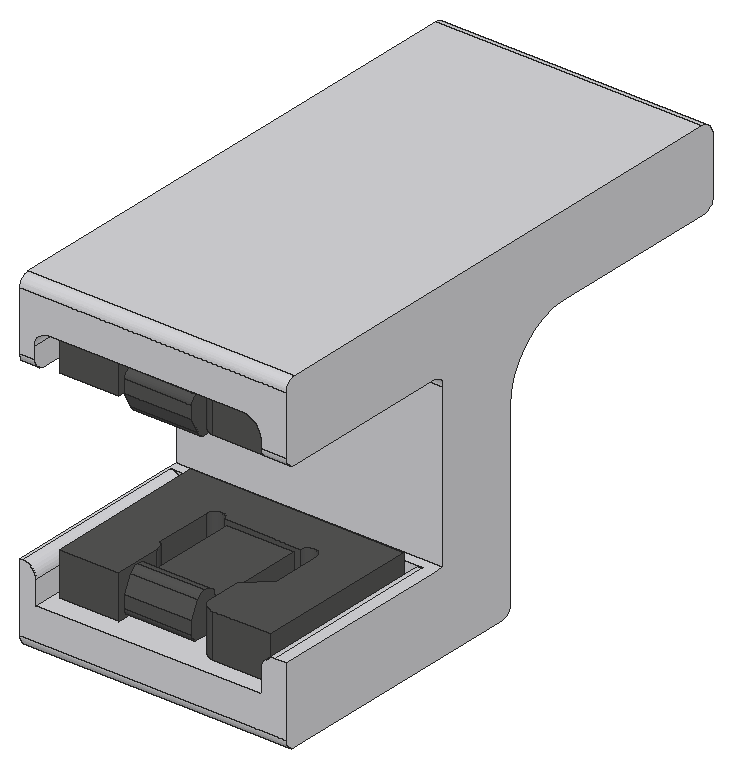
Revit family "Accessory-Robe_Hook-KOHLER-Stages-K-30377T_1", category Specialty Equipment, host Face, Revit 2021
Family settings
  Host = Face
  Round Connector Dimension = Use Diameter
  Part Type = Normal
  OmniClass Number = 23.31.25.27
  OmniClass Title = Robe Hooks
  Cut with Voids When Loaded = No
  Shared = No
  Room Calculation Point = No
Parameters (values of type "CP-Polished Chrome")
  Width = 63/64"  # constant formula
  WaterSense Certified = 1 = 0  # no
  URL = "http://www.kohler.com.cn/"
  Type = 5
  Product Page URL = "https://www.kohler.com.cn/product/K-30377T-CP/K-30377T-CP/"
  Product Name = "Stages"  # constant formula
  Product Documentation Link = "https://files.kohler.com.cn/pdfs/1525252490115_1334745-2_A-sms.pdf"
  Model = if(Type = 1, "K-30377T-2MB", if(Type = 2, "K-30377T-AF", if(Type = 3, "K-30377T-BL", if(Type = 4, "K-30377T-BN", if(Type = 5, "K-30377T-CP", if(Type = 6, "K-30377T-RGD", "NA"))))))  # "K-30377T-CP"
  Material = "Premium Metal Construction"  # constant formula
  Master Format 2014 Name = "Toilet, Bath, and Laundry Accessories"  # constant formula
  Master Format 2014 = "10 28 00"  # constant formula
  Manufacturer Address = "Kohler Beijing Office (100016) 36-2-03-B, No. 88, Liuxiang Road, Beijing"  # constant formula
  Manufacturer = "Kohler Co."  # constant formula
  Length = 101/128"  # constant formula
  Height = 1 147/256"  # constant formula
  Finish = Kohler-Metal-CP-Polished_Chrome
  Environmental Product Declaration = ""
  Description = "Grid Jump Hook (Removable)"  # constant formula
  Default Elevation = 42"
  Declare Label = ""
  Date Modified = "11/10/2022"  # constant formula
  Date Created = "11/10/2022"  # constant formula
  Copyright = "Copyright Kohler Co."  # constant formula
  Contact Us = "http://www.kohler.com.cn/contact/contact-us/"
  Assembly Code = "C1030200"
  ADA Compliant = 1 = 0  # no
Types (7): name | Type | Product Page URL | Model | Finish
  (no name) | 5 | "https://www.kohler.com.cn/product/K-30377T-CP/K-30377T-CP/" | "K-30377T-CP" | Kohler-Metal-CP-Polished_Chrome
  2MB-Vibrant Brushed Moderne Brass | 1 | "" | "K-30377T-2MB" | Kohler-Metal-2MB-Vibrant_Brushed_Moderne_Brass
  AF-Vibrant French Gold | 2 | "https://www.kohler.com.cn/product/K-30377T-CP/K-30377T-AF/" | "K-30377T-AF" | Kohler-Metal-AF-Vibrant_French_Gold
  BL-Matte Black | 3 | "https://www.kohler.com.cn/product/K-30377T-CP/K-30377T-BL/" | "K-30377T-BL" | Kohler-Metal-BL-Matte_Black
  BN-Vibrant Brushed Nickel | 4 | "https://www.kohler.com.cn/product/K-30377T-CP/K-30377T-BN/" | "K-30377T-BN" | Kohler-Metal-BN-Vibrant_Brushed_Nickel
  CP-Polished Chrome | 5 | "https://www.kohler.com.cn/product/K-30377T-CP/K-30377T-CP/" | "K-30377T-CP" | Kohler-Metal-CP-Polished_Chrome
  RGD-Polished Rose Gold | 6 | "https://www.kohler.com.cn/product/K-30377T-CP/K-30377T-RGD/" | "K-30377T-RGD" | Kohler-Metal-RGD-Polished_Rose_Gold
Reference planes (in)
  plane 1 "Center (Front/Back)": y = 0
  plane 2: z = 0
  plane 3 "Center (Left/Right)": x = 0
  plane 4: x = -0.3937
  plane 5: y = 0.7874
  plane 6: z = 0.98437
  plane 7: z = 0.74815
  plane 8: y = -0.78682
  plane 9: x = 0.39536
  plane 10: y = 0.03995
Dimensions and locks (in)
  "Width": level to plane 6
  "Length": plane 4 to plane 9
  "Height": plane 8 to plane 5
  plane 7 to plane 6 = 0.23622"
  plane 10 to plane 8 = 0.82677"
  aligned and locked: plane 2 to host face
  aligned and locked: level to host face
  aligned and locked: plane 3 "Center (Left/Right)" to nested 1
  aligned and locked: nested 1 to plane 1 "Center (Front/Back)"
Automatic sketch dimensions
  host sketch curve to host sketch curve = 96"  (x2)
Nested families (in)
  nested 1: "K-30377T" at (0, -0.7874, 0), type "K-30377T"
Definition of nested family "K-30377T"
  Parameters
    Material = none
    Default Elevation = 0"
  Reference planes (in)
    plane 1 "Center (Front/Back)": y = 0
    plane 2: z = 0
    plane 3 "Center (Left/Right)": x = 0
    plane 4: y = 1.5748
    plane 5: x = -0.3937
    plane 6: z = 0.98425
    plane 7: z = 0.74803
    plane 8: z = 0.49213
    plane 9: x = 0.3937
    plane 10: y = 0.7874
    plane 11: y = 0.82677
  Forms (in)
    Extrusion 1, solid, material <- "Material", detail levels medium+fine
      sketch origin (0, 0, 0) x (0, 1, 0) y (0, 0, 1)
        loop
          arc (0.79458, 0) -> (0.81734, 0.00943) -> (0.82677, 0.0322) r 0.0322
          line (0.82677, 0.0322) -> (0.82677, 0.55118)
          arc (0.82677, 0.55118) -> (0.88443, 0.69038) -> (1.02362, 0.74803) r 0.19685
          line (1.02362, 0.74803) -> (1.54415, 0.74803)
          arc (1.54415, 0.74803) -> (1.56583, 0.75701) -> (1.5748, 0.77868) r 0.03065
          line (1.5748, 0.77868) -> (1.5748, 0.94407)
          arc (1.5748, 0.94407) -> (1.56303, 0.97248) -> (1.53462, 0.98425) r 0.04018
          line (1.53462, 0.98425) -> (0.03079, 0.98425)
          arc (0.03079, 0.98425) -> (0.00902, 0.97523) -> (0, 0.95346) r 0.03079
          line (0, 0.95346) -> (0, 0.77868)
          arc (0, 0.77868) -> (0.00898, 0.75701) -> (0.03065, 0.74803) r 0.03065
          line (0.03065, 0.74803) -> (0.54432, 0.74803)
          arc (0.54432, 0.74803) -> (0.56923, 0.73771) -> (0.57955, 0.7128) r 0.03523
          line (0.57955, 0.7128) -> (0.57955, 0.23642) -> (0, 0.23642) -> (0, 0.0322)
          arc (0, 0.0322) -> (0.00943, 0.00943) -> (0.0322, 0) r 0.0322
          line (0.0322, 0) -> (0.79458, 0)
      from -0.3937 to 0.3937
    Extrusion 2, solid, detail levels medium+fine
      sketch origin (0, 0, 0) x (1, 0, 0) y (0, 1, 0)
        loop
          line (-0.32593, 0.06419) -> (-0.15193, 0.06419) -> (-0.15193, 0.20331)
          arc (-0.15193, 0.20331) -> (-0.15615, 0.22155) -> (-0.16795, 0.23608) r 0.04152
          line (-0.16795, 0.23608) -> (-0.16795, 0.4065)
          arc (-0.16795, 0.4065) -> (-0.14533, 0.43152) -> (-0.11817, 0.41151) r 0.02514
          line (-0.11817, 0.41151) -> (0.10826, 0.41151)
          arc (0.10826, 0.41151) -> (0.1348, 0.43157) -> (0.15801, 0.40774) r 0.02514
          line (0.15801, 0.40774) -> (0.15801, 0.26368) -> (0.09257, 0.19824) -> (0.09257, 0.09545)
          arc (0.09257, 0.09545) -> (0.10415, 0.06749) -> (0.13211, 0.05591) r 0.03954
          line (0.13211, 0.05591) -> (0.30294, 0.05591) -> (0.30294, 0.54744) -> (-0.32593, 0.54744) -> (-0.32593, 0.06419)
      from 0.12502 to 0.25699
    Extrusion 3, void, detail levels medium+fine
      sketch origin (0, 0, 0) x (1, 0, 0) y (0, 0, 1)
        loop
          line (-0.34692, 0.12861) -> (0.32051, 0.12861) -> (0.32051, 0.19705)
          arc (0.32051, 0.19705) -> (0.33204, 0.22488) -> (0.35988, 0.23642) r 0.03937
          line (0.35988, 0.23642) -> (0.42599, 0.23642) -> (0.42599, 0.34958) -> (-0.43214, 0.34958) -> (-0.43214, 0.23642) -> (-0.38629, 0.23642)
          arc (-0.38629, 0.23642) -> (-0.35845, 0.22488) -> (-0.34692, 0.19705) r 0.03937
          line (-0.34692, 0.19705) -> (-0.34692, 0.12861)
      from 0 to -0.54744
    Extrusion 4, solid, detail levels medium+fine
      sketch origin (0, 0, 0) x (0, 1, 0) y (0, 0, 1)
        loop
          line (0.44684, 0.1322) -> (0.44684, 0.24376) -> (0.13861, 0.24376)
          arc (0.13861, 0.24376) -> (0.12029, 0.25222) -> (0.11485, 0.27165) r 0.02407
          arc (0.11485, 0.27165) -> (0.10003, 0.28288) -> (0.08188, 0.28687) r 0.04332
          arc (0.08188, 0.28687) -> (0.06682, 0.28262) -> (0.05621, 0.27114) r 0.02881
          line (0.05621, 0.27114) -> (0.033, 0.22559) -> (0.033, 0.18774)
          arc (0.033, 0.18774) -> (0.03854, 0.17348) -> (0.05226, 0.16672) r 0.0211
          line (0.05226, 0.16672) -> (0.44684, 0.1322)
      from -0.11102 to 0.0879
    Extrusion 5, void, detail levels medium+fine
      sketch origin (0, 0, 0) x (1, 0, 0) y (0, 0, 1)
        loop
          line (-0.3489, 0.74803) -> (0.31968, 0.74803) -> (0.31968, 0.80226)
          arc (0.31968, 0.80226) -> (0.30393, 0.84028) -> (0.26591, 0.85603) r 0.05377
          line (0.26591, 0.85603) -> (-0.30953, 0.85603)
          arc (-0.30953, 0.85603) -> (-0.33737, 0.8445) -> (-0.3489, 0.81666) r 0.03937
          line (-0.3489, 0.81666) -> (-0.3489, 0.74803)
      from -0.52379 to 0.10273
    Extrusion 6, solid, detail levels medium+fine
      sketch origin (0, 0, 0.59978) x (0, -1, 0) y (1, 0, 0)
        loop
          line (-0.06419, -0.32593) -> (-0.06419, -0.15193) -> (-0.20331, -0.15193)
          arc (-0.20331, -0.15193) -> (-0.22155, -0.15615) -> (-0.23608, -0.16795) r 0.04152
          line (-0.23608, -0.16795) -> (-0.4065, -0.16795)
          arc (-0.4065, -0.16795) -> (-0.43152, -0.14533) -> (-0.41151, -0.11817) r 0.02514
          line (-0.41151, -0.11817) -> (-0.41151, 0.10826)
          arc (-0.41151, 0.10826) -> (-0.43157, 0.1348) -> (-0.40774, 0.15801) r 0.02514
          line (-0.40774, 0.15801) -> (-0.26368, 0.15801) -> (-0.19824, 0.09257) -> (-0.09545, 0.09257)
          arc (-0.09545, 0.09257) -> (-0.06749, 0.10415) -> (-0.05591, 0.13211) r 0.03954
          line (-0.05591, 0.13211) -> (-0.05591, 0.30294) -> (-0.52379, 0.30294) -> (-0.52379, -0.32593) -> (-0.06419, -0.32593)
      from 0.12502 to 0.25699
    Extrusion 7, solid, detail levels medium+fine
      sketch origin (0, 0, 0.99656) x (0, 1, 0) y (0, 0, 1)
        loop
          line (0.44684, -0.1445) -> (0.05226, -0.17902)
          arc (0.05226, -0.17902) -> (0.03854, -0.18578) -> (0.033, -0.20004) r 0.0211
          line (0.033, -0.20004) -> (0.033, -0.2379) -> (0.05621, -0.28344)
          arc (0.05621, -0.28344) -> (0.06682, -0.29493) -> (0.08188, -0.29917) r 0.02881
          arc (0.08188, -0.29917) -> (0.10003, -0.29518) -> (0.11485, -0.28395) r 0.04332
          arc (0.11485, -0.28395) -> (0.12029, -0.26452) -> (0.13861, -0.25607) r 0.02407
          line (0.13861, -0.25607) -> (0.44684, -0.25607) -> (0.44684, -0.1445)
      from -0.11102 to 0.0879
    Extrusion 8, solid, material <- "Material", detail levels coarse
      sketch origin (0, 0, 0) x (0, 1, 0) y (0, 0, 1)
        loop
          line (0, 0.98425) -> (0, 0.7248) -> (0.57955, 0.7248) -> (0.57955, 0.25699) -> (0.00013, 0.25699) -> (0.00013, 0) -> (0.82677, 0) -> (0.82677, 0.55249)
          arc (0.82677, 0.55249) -> (0.88443, 0.69168) -> (1.02362, 0.74934) r 0.19685
          line (1.02362, 0.74934) -> (1.5748, 0.74934) -> (1.5748, 0.98425) -> (0, 0.98425)
      from -0.3937 to 0.3937
  Cuts and joins
    Extrusion 3, Extrusion 5 cuts Extrusion 1
    joined: Extrusion 2, Extrusion 6
    joined: Extrusion 4, Extrusion 7
  Lines and regions (in)
    Masking region 1
      outline origin (0, 0, 0) x (1, 0, 0) y (0, 1, 0)
        loop
          arc (-0.35827, 1.5748) -> (-0.38332, 1.56443) -> (-0.3937, 1.53937) r 0.03543
          line (-0.3937, 1.53937) -> (-0.3937, 0.03543)
          arc (-0.3937, 0.03543) -> (-0.38332, 0.01038) -> (-0.35827, 0) r 0.03543
          line (-0.35827, 0) -> (0.35827, 0)
          arc (0.35827, 0) -> (0.38332, 0.01038) -> (0.3937, 0.03543) r 0.03543
          line (0.3937, 0.03543) -> (0.3937, 1.53937)
          arc (0.3937, 1.53937) -> (0.38332, 1.56443) -> (0.35827, 1.5748) r 0.03543
          line (0.35827, 1.5748) -> (-0.35827, 1.5748)
    Masking region 2
      outline origin (0, 0, 0) x (1, 0, 0) y (0, 0, 1)
        loop
          line (0.3937, 0.03543) -> (0.3937, 0.94882)
          arc (0.3937, 0.94882) -> (0.38332, 0.97387) -> (0.35827, 0.98425) r 0.03543
          line (0.35827, 0.98425) -> (-0.35827, 0.98425)
          arc (-0.35827, 0.98425) -> (-0.38332, 0.97387) -> (-0.3937, 0.94882) r 0.03543
          line (-0.3937, 0.94882) -> (-0.3937, 0.03543)
          arc (-0.3937, 0.03543) -> (-0.38332, 0.01038) -> (-0.35827, 0) r 0.03543
          line (-0.35827, 0) -> (0.35827, 0)
          arc (0.35827, 0) -> (0.38332, 0.01038) -> (0.3937, 0.03543) r 0.03543
    Masking region 3
      outline origin (0, 0, 0) x (0, 1, 0) y (0, 0, 1)
        loop
          line (1.53638, 0.98425) -> (0.02807, 0.98425)
          arc (0.02807, 0.98425) -> (0.00822, 0.97603) -> (0, 0.95618) r 0.02807
          line (0, 0.95618) -> (0, 0.77868)
          arc (0, 0.77868) -> (0.01174, 0.75456) -> (0.03796, 0.74892) r 0.03065
          line (0.03796, 0.74892) -> (0.05621, 0.71311)
          arc (0.05621, 0.71311) -> (0.06682, 0.70163) -> (0.08188, 0.69738) r 0.02881
          arc (0.08188, 0.69738) -> (0.10624, 0.70489) -> (0.12217, 0.7248) r 0.04332
          line (0.12217, 0.7248) -> (0.54736, 0.7248)
          arc (0.54736, 0.7248) -> (0.57012, 0.71537) -> (0.57955, 0.69261) r 0.03219
          line (0.57955, 0.69261) -> (0.57955, 0.29165)
          arc (0.57955, 0.29165) -> (0.57012, 0.26888) -> (0.54736, 0.25945) r 0.03219
          line (0.54736, 0.25945) -> (0.12217, 0.25945)
          arc (0.12217, 0.25945) -> (0.10624, 0.27937) -> (0.08188, 0.28687) r 0.04332
          arc (0.08188, 0.28687) -> (0.06682, 0.28262) -> (0.05621, 0.27114) r 0.02881
          line (0.05621, 0.27114) -> (0.03796, 0.23534)
          arc (0.03796, 0.23534) -> (0.01174, 0.22969) -> (0, 0.20557) r 0.03065
          line (0, 0.20557) -> (0, 0.02872)
          arc (0, 0.02872) -> (0.00841, 0.00841) -> (0.02872, 0) r 0.02872
          line (0.02872, 0) -> (0.79538, 0)
          arc (0.79538, 0) -> (0.81758, 0.00919) -> (0.82677, 0.03139) r 0.03139
          line (0.82677, 0.03139) -> (0.82677, 0.55118)
          arc (0.82677, 0.55118) -> (0.88443, 0.69038) -> (1.02362, 0.74803) r 0.19685
          line (1.02362, 0.74803) -> (1.54465, 0.74803)
          arc (1.54465, 0.74803) -> (1.56597, 0.75686) -> (1.5748, 0.77819) r 0.03016
          line (1.5748, 0.77819) -> (1.5748, 0.94583)
          arc (1.5748, 0.94583) -> (1.56355, 0.973) -> (1.53638, 0.98425) r 0.03843
    symbolic lines, detail levels medium+fine
      curve 1: line (-0.3937, 1.53937, 0) -> (0.3937, 1.53937, 0)
      curve 2: line (-0.3165, 1.5748, 0) -> (-0.3165, 0, 0)
      curve 3: line (0.3937, 0, 0.60565) -> (-0.3937, 0, 0.60565)
      curve 4: line (0, 1.5748, 0.91947) -> (0, 0, 0.91947)
      curve 5: line (0, 1.53462, 0.98425) -> (0, 1.53462, 0.74803)
      curve 6: line (0, 1.5748, 0.77868) -> (0, 1.01139, 0.77868)
      curve 7: line (0, 0.7874, 0.00016) -> (0, 0.7874, 0.55469)
      curve 8: line (0, 0.00016, 0.03543) -> (0, 0.82852, 0.03543)
      curve 9: line (0, 1.01206, 0.74769) -> (0, 1.01206, 0.77868)
      curve 10: line (0, 0.82677, 0.55118) -> (0, 0.7874, 0.55118)
      curve 11: line (0, 0.04808, 0.98425) -> (0, 0.04808, 0.74803)
      curve 12: line (0, 0.63651, 0.71528) -> (0, 0.63651, 0.26897)
      curve 13: line (0, 0.60115, 0.27) -> (0, 0.60115, 0.71425)
      curve 14: line (0, 0.56737, 0.74803) -> (0, 0.0405, 0.74803)
      curve 15: line (0, -0.00008, 0.20694) -> (0, 0.58623, 0.20694)
      curve 16: line (-0.3937, 0.03543, 0) -> (0.3937, 0.03543, 0)
      curve 17: line (0.3165, 1.5748, 0) -> (0.3165, 0, 0)
      curve 18: line (0.32425, 0, 0.94488) -> (-0.32425, 0, 0.94488)
      curve 19: line (0.35433, 0, 0.06945) -> (0.35433, 0, 0.9148)
      curve 20: line (-0.35433, 0, 0.06945) -> (-0.35433, 0, 0.9148)
      curve 21: line (0.32425, 0, 0.03937) -> (-0.32425, 0, 0.03937)
      curve 22: arc (0.35433, 0, 0.9148) -> (0.34552, 0, 0.93607) -> (0.32425, 0, 0.94488) r 0.03008
      curve 23: arc (-0.35433, 0, 0.9148) -> (-0.34552, 0, 0.93607) -> (-0.32425, 0, 0.94488) r 0.03008
      curve 24: arc (-0.35433, 0, 0.06945) -> (-0.34552, 0, 0.04818) -> (-0.32425, 0, 0.03937) r 0.03008
      curve 25: arc (0.35433, 0, 0.06945) -> (0.34552, 0, 0.04818) -> (0.32425, 0, 0.03937) r 0.03008
      curve 26: line (0.32425, 0, 0.94488) -> (0.32425, 0, 0.98425)
      curve 27: line (0.35433, 0, 0.9148) -> (0.3937, 0, 0.9148)
      curve 28: line (-0.32425, 0, 0.94488) -> (-0.32425, 0, 0.98425)
      curve 29: line (-0.35433, 0, 0.9148) -> (-0.3937, 0, 0.9148)
      curve 30: line (-0.32425, 0, 0.03937) -> (-0.32425, 0, 0)
      curve 31: line (-0.35433, 0, 0.06945) -> (-0.3937, 0, 0.06945)
      curve 32: line (0.32425, 0, 0.03937) -> (0.32425, 0, 0)
      curve 33: line (0.35433, 0, 0.06945) -> (0.3937, 0, 0.06945)
      curve 34: line (0.35433, 0, 0.74803) -> (-0.35536, 0, 0.74803)
      curve 35: line (0.3937, 0, 0.77868) -> (-0.3937, 0, 0.77868)
      curve 36: arc (0.35433, 0, 0.74803) -> (0.37939, 0, 0.75646) -> (0.3937, 0, 0.77868) r 0.03996
      curve 37: arc (-0.35536, 0, 0.74803) -> (-0.37979, 0, 0.75677) -> (-0.3937, 0, 0.77868) r 0.03996
      curve 38: arc (0, 1.01139, 0.77868) -> (0, 0.85301, 0.71308) -> (0, 0.7874, 0.55469) r 0.22399
      curve 39: line (0, 0, 0.77868) -> (0, 0.57311, 0.77868)
      curve 40: arc (0, 0.57311, 0.77868) -> (0, 0.61795, 0.76011) -> (0, 0.63651, 0.71528) r 0.0634
      curve 41: arc (0, 0.58623, 0.20694) -> (0, 0.62236, 0.22904) -> (0, 0.63651, 0.26897) r 0.0634
      curve 42: line (0, 0.04808, 0) -> (0, 0.04808, 0.23622)
      curve 43: line (0, 0.56737, 0.23622) -> (0, 0.03841, 0.23622)
      curve 44: arc (0, 0.60115, 0.71425) -> (0, 0.59126, 0.73814) -> (0, 0.56737, 0.74803) r 0.03378
      curve 45: arc (0, 0.60115, 0.27) -> (0, 0.59126, 0.24611) -> (0, 0.56737, 0.23622) r 0.03378
      curve 46: line (0, 0.57311, 0.77868) -> (0, 0.56737, 0.74803)
      curve 47: line (0, 0.60115, 0.71425) -> (0, 0.63651, 0.71528)
      curve 48: line (0, 0.60115, 0.27) -> (0, 0.63651, 0.26897)
      curve 49: line (0, 0.58623, 0.20694) -> (0, 0.56737, 0.23622)
      curve 50: line (0, 0.53665, 0.7248) -> (0, 0.56737, 0.74803)
      curve 51: line (0, 0.57955, 0.68632) -> (0, 0.60115, 0.71425)
      curve 52: line (0, 0.57955, 0.29486) -> (0, 0.60115, 0.27)
      curve 53: line (0, 0.56737, 0.23622) -> (0, 0.54414, 0.25945)
      curve 54: line (0, 0.12217, 0.25945) -> (0, 0.1454, 0.23622)
      curve 55: line (0, 0.12217, 0.7248) -> (0, 0.1454, 0.74803)
  Dimensions and locks (in)
    locked: level to plane 6 at 0.98425
    locked: plane 6 to plane 7 at 0.23622
    plane 5 to plane 3 "Center (Left/Right)" = 0.3937"
    plane 1 "Center (Front/Back)" to plane 4 = 1.5748"
    plane 10 to plane 1 "Center (Front/Back)" = 0.7874"
    plane 11 to plane 1 "Center (Front/Back)" = 0.82677"
    plane 6 to plane 7 = 0.23622"
    plane 6 to level = 0.98425"
    aligned and locked: plane 2 to level
